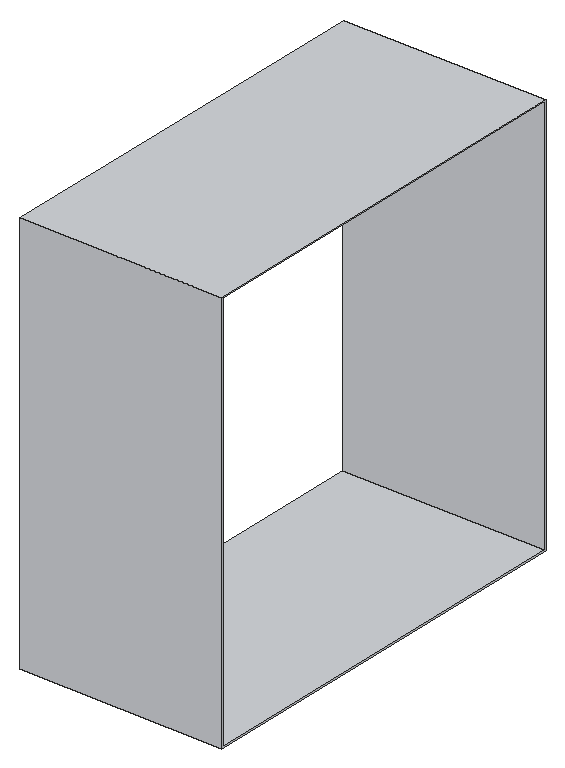
Revit family "BLOCKOUT", category Pipe Accessories, Revit 2021
Family settings
  Round Connector Dimension = Use Diameter
  Part Type = Normal
  Work Plane-Based = Yes
  Always vertical = Yes
  Cut with Voids When Loaded = No
  Shared = No
Parameters
  Width [instance] = 1' - 0"
  TS_Point_Number [instance] = GTP_PointNumber_0  # ""
  TS_Point_Description [instance] = "BLOCKOUT"
  Length [instance] = 0' - 6"
  Height [instance] = 1' - 0"
  GTP_PointRole_0 [instance] = ""
  GTP_PointNumber_0 [instance] = ""
  GTP_PointElement_0 [instance] = ""
  GTP_LinkedParam_0 [instance] = "GTP_PointNumber_0"
  Default Elevation = 4' - 0"
Reference planes (in)
  plane 1 "Center (Front/Back)": y = 0
  plane 2: z = 0
  plane 3 "Center (Left/Right)": x = 0
  plane 4: x = 6
Forms (in)
  Extrusion 1, solid
    sketch origin (0, 0, 0) x (0, 1, 0) y (0, 0, 1)
      loop
        line (-6, 6) -> (-6, -6) -> (6, -6) -> (6, 6) -> (-6, 6)
      loop
        line (-5.96875, 5.96875) -> (-5.96875, -5.96875) -> (5.96875, -5.96875) -> (5.96875, 5.96875) -> (-5.96875, 5.96875)
    from 0 to 6
Dimensions and locks (in)
  locked: Extrusion 1 sketch curve to Extrusion 1 sketch curve at 0.03125  (x4)
  equal spacing: Extrusion 1 sketch curve, nested 1, Extrusion 1 sketch curve  (x2)
  "Width": Extrusion 1 sketch curve to Extrusion 1 sketch curve
  "Height": Extrusion 1 sketch curve to Extrusion 1 sketch curve
  "Length": plane 3 "Center (Left/Right)" to plane 4
  aligned and locked: plane 2 to level
  aligned and locked: plane 4 to Extrusion 1
  aligned and locked: plane 1 "Center (Front/Back)" to nested 1
  aligned and locked: level to nested 1
Nested families (in)
  nested 1: "GTP" at (0, 0, 0), PointNumber <- "GTP_PointNumber_0", PointRole <- "GTP_PointRole_0", PointElement <- "GTP_PointElement_0", LinkedParam <- "GTP_LinkedParam_0", PointDescription <- "TS_Point_Description", type "Generic Pt"
    with PointRole "", PointNumber "", PointElement "", PointDescription "BLOCKOUT", LinkedParam "GTP_PointNumber_0"
Definition of nested family "GTP"
  Parameters (values of type "Generic Pt")
    URL = ""
    PointRole [instance] = "Stake Out"
    PointNumber [instance] = ""
    PointElement [instance] = ""
    PointDescription [instance] = "Generic Pt"
    Manufacturer = "Autodesk Inc."
    LinkedParam [instance] = ""
    Default Elevation = 0' - 0"
  Reference planes (in)
    plane 1 "Center (Front/Back)": y = 0
    plane 2: z = 0
    plane 3 "Center (Left/Right)": x = 0
  Forms (in)
    Extrusion 1, solid, detail levels medium+fine
      sketch origin (0, 0, 0) x (1, 0, 0) y (0, 1, 0)
        loop
          line (0.5, -0.5) -> (0.5, 0.5) -> (-0.5, 0.5) -> (-0.5, -0.5) -> (0.5, -0.5)
      from -0.5 to 0.5
  Lines and regions (in)
    model lines, detail levels coarse+medium
      curve 1: line (0, 0.5, 0) -> (0, 0, 0)
      curve 2: line (-0.5, 0, 0) -> (0, 0, 0)
      curve 3: line (0, 0, -0.5) -> (0, 0, 0)
      curve 4: line (0, 0, 0) -> (0.5, 0, 0)
      curve 5: line (0, 0, 0) -> (0, -0.5, 0)
      curve 6: line (0, 0, 0) -> (0, 0, 0.5)
